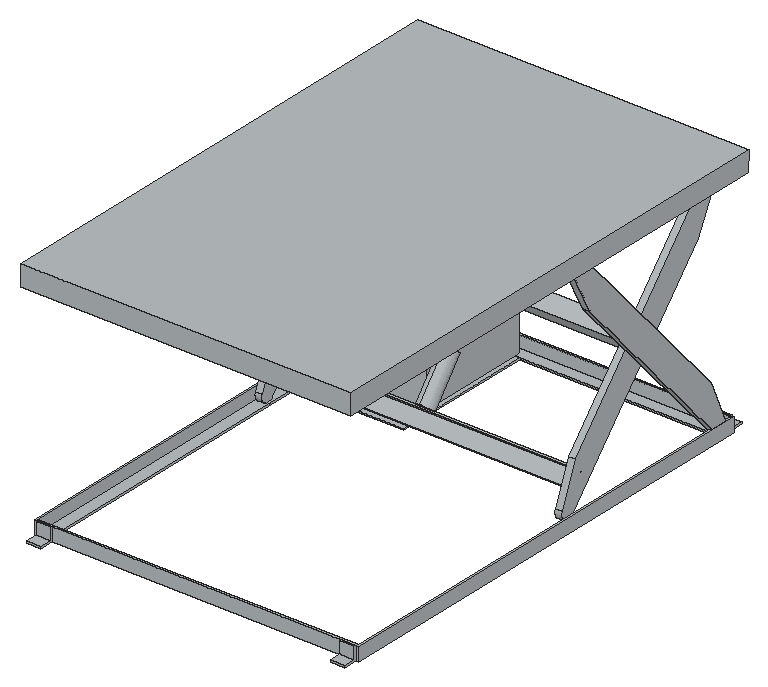
Revit family "DockEquipment_LiftTable_Pentalift_IR", category Specialty Equipment, Revit 2026
Family settings
  Round Connector Dimension = Use Diameter
  Part Type = Normal
  Work Plane-Based = Yes
  Enable Cutting in Views = No
  Always vertical = No
  Cut with Voids When Loaded = No
  Maintain Annotation Orientation = No
  Shared = No
  Room Calculation Point = No
Parameters
  offset [instance] = 0' - 0"
  Warranty Duration (Years) = 0
  Unit Width [instance] = 4' - 0"
  Unit Length [instance] = 6' - 0"
  URL = "http://www.pentalift.com/index.php"
  Specification = ""
  SpecWizard = ""
  Send Message = "http://www.arcat.com/users.pl?action=UserEmail&company=Pentalift Equipment Corp.&coid=34752&rep=119&fax=519-763-2894&mf="
  Sales Information = "http://www.pentalift.com/about-us.htm"
  Revision = "R1_01-2012"
  Product Properties = ""
  Product Data = "http://www.arcat.com/arcatcos/cos34/arc34752.html"
  Platform Height [instance] = 3' - 0"
  Model = "As Specified"
  Material [instance] = Metal - Steel - Pentalift - Painted - Gray
  Manufacturer Website = "http://www.pentalift.com/index.php"
  Manufacturer Phone - Toll Free = ""
  Manufacturer Phone = "519-763-3625 "
  Manufacturer Fax = "519-763-2894"
  Manufacturer Address = "21 Nicholas Beaver Rd. Guelph, ON, Canada N1H 6H9 "
  Manufacturer = "Pentalift Equipment Corp."
  Maintenance Schedule (Months) = 0
  Keynote = "11160"
  Installation-Fabrication = ""
  Installation Phase = ""
  Green Building-LEED = ""
  Expected Lifespan (Years) = 0
  Drawn By = "Sumex Design, Inc. / Robert S. Weygant, CSI, CDT, SCIP"
  Description = "Pentalift Dock Equipment as Specified"
  Default Elevation = 4' - 0"
  Copyright = "©Arcat Inc."
  Construction Details = "http://www.arcat.com/details/pentalif/pentalif.html?coid=34752"
  Capacity (Weight) = 0.00 kip
  Assembly Code = "E1030300"
Reference planes (in)
  plane 1 "Center (Front/Back)": y = 0
  plane 2 "Bottom": z = 0
  plane 3 "Center (Left/Right)": x = 0
  plane 4 "Front": y = -36
  plane 5 "Back": y = 36
  plane 6 "Left": x = -24
  plane 7 "Right": x = 24
  plane 8 "Top": z = 36
  plane 9: x = -23.5
  plane 10: x = 23.5
  plane 11: y = 34
  plane 12: y = -34
  plane 13: z = 1.75
  plane 14: z = 33
  plane 15: x = -6
  plane 16: z = 3
Forms (in)
  Extrusion 1, solid, material "Metal - Steel - Pentalift - Painted - Gray" <- "Material"
    sketch origin (-23.5, 55.3623, 48) x (0, 1, 0) y (0, 0, 1)
      loop
        line (-89.3623, -46) -> (-89.6123, -46) -> (-89.6123, -47.75) -> (-91.3623, -47.75) -> (-91.3623, -48) -> (-89.3623, -48) -> (-89.3623, -46)
      loop
        line (-21.3623, -46) -> (-21.3623, -48) -> (-19.3623, -48) -> (-19.3623, -47.75) -> (-21.1123, -47.75) -> (-21.1123, -46) -> (-21.3623, -46)
    from 0.5 to 2.5
  Extrusion 2, solid, material "Metal - Steel - Pentalift - Painted - Gray" <- "Material"
    sketch origin (-43.59721, -180, 36) x (-1, 0, 0) y (0, -1, 0)
      loop
        line (-19.59721, -216) -> (-19.59721, -144) -> (-67.59721, -144) -> (-67.59721, -216) -> (-19.59721, -216)
    from 0 to -3
  Sweep 3, solid, material "Metal - Steel - Pentalift - Painted - Gray" <- "Material"
    path origin (0, 0, 0) x (1, 0, 0) y (0, 1, 0)
      loop
        line (-23.5, 34) -> (-23.5, -34) -> (23.5, -34) -> (23.5, 34) -> (-23.5, 34)
    profile origin (0, 34, 0) x (0, 1, 0) y (0, 0, 1)
      loop
        line (-0.25, 2) -> (-0.25, 0.25) -> (-2, 0.25) -> (-2, 0) -> (0, 0) -> (0, 2) -> (-0.25, 2)
  Extrusion 4, solid, material "Metal - Steel - Pentalift - Painted - Gray" <- "Material"
    sketch origin (23.5, -56.16774, 48) x (0, -1, 0) y (0, 0, 1)
      loop
        line (-22.16774, -46) -> (-22.16774, -48) -> (-20.16774, -48) -> (-20.16774, -47.75) -> (-21.91774, -47.75) -> (-21.91774, -46) -> (-22.16774, -46)
      loop
        line (-90.16774, -46) -> (-90.41774, -46) -> (-90.41774, -47.75) -> (-92.16774, -47.75) -> (-92.16774, -48) -> (-90.16774, -48) -> (-90.16774, -46)
    from 0.5 to 2.5
  Extrusion 5, solid, material "Metal - Steel - Pentalift - Painted - Gray" <- "Material"
    sketch origin (0, 0, 0) x (1, 0, 0) y (0, 1, 0)
      loop
        line (-21.5, 32) -> (-21.5, 11) -> (-6, 11) -> (-6, 32) -> (-21.5, 32)
    from 0 to 0.25
  Extrusion 6, solid, material "Metal - Steel - Pentalift - Painted - Gray" <- "Material"
    sketch origin (0, 0, 0) x (1, 0, 0) y (0, 1, 0)
      loop
        line (-19.84171, 32.65517) -> (-19.84171, 22.90517) -> (-13.34171, 22.90517) -> (-13.34171, 32.65517) -> (-19.84171, 32.65517)
    from 0 to 6
  Extrusion 7, solid, material "Metal - Steel - Pentalift - Painted - Gray" <- "Material"
    sketch origin (0, 0, 0) x (1, 0, 0) y (0, 1, 0)
      loop
        line (-12.69495, 32.80406) -> (-12.69495, 16.05406) -> (-6.69495, 16.05406) -> (-6.69495, 32.80406) -> (-12.69495, 32.80406)
    from 0 to 6
  Revolve 8, solid, material "Metal - Steel - Pentalift - Painted - Gray" <- "Material"
    sketch origin (0, 16.05406, 3) x (-1, 0, 0) y (0, -1, 0)
      loop
        line (16.59171, -6.85111) -> (16.59171, 2.39889) -> (14.09171, 2.39889) -> (14.09171, -3.35111) -> (14.34171, -3.35111) -> (14.34171, -6.85111) -> (16.59171, -6.85111)
      axis (16.59171, -6.85111) -> (16.59171, 2.39889)
    angle from 0 to 360
Dimensions and locks (in)
  equal spacing: plane 6 "Left", plane 3 "Center (Left/Right)", plane 7 "Right"
  "Unit Width": plane 6 "Left" to plane 7 "Right"
  equal spacing: plane 5 "Back", plane 1 "Center (Front/Back)", plane 4 "Front"
  "Unit Length": plane 5 "Back" to plane 4 "Front"
  "Platform Height": plane 8 "Top" to level
  locked: plane 10 to plane 7 "Right" at 0.5
  locked: plane 6 "Left" to plane 9 at 0.5
  locked: plane 12 to plane 4 "Front" at 2
  plane 5 "Back" to plane 11 = 0' - 2"
  locked: plane 13 to level at 1.75
  locked: plane 8 "Top" to plane 14 at 3
  locked: plane 6 "Left" to plane 15 at 18
  aligned and locked: Extrusion 2 to plane 14
  aligned and locked: plane 1 "Center (Front/Back)" to nested 1
  aligned and locked: plane 3 "Center (Left/Right)" to nested 1
Automatic sketch dimensions
  Extrusion 2 sketch curve to plane 5 "Back" = 0' - 0"
  Extrusion 2 sketch curve to plane 7 "Right" = 0' - 0"
  Extrusion 2 sketch curve to plane 4 "Front" = 0' - 0"
  Extrusion 2 sketch curve to plane 6 "Left" = 0' - 0"
  Extrusion 1 sketch curve to plane 4 "Front" = 0' - 0"
  Extrusion 1 sketch curve to level = 0' - 0"  (x2)
  Extrusion 1 sketch curve to plane 12 = 0' - 0"
  Extrusion 1 sketch curve to plane 12 = 0' - 0 1/4"
  level to Extrusion 1 sketch curve = 0' - 0 1/4"  (x2)
  plane 13 to Extrusion 1 sketch curve = 0' - 0 1/4"  (x2)
  Extrusion 1 sketch curve to plane 11 = 0' - 0"
  Extrusion 1 sketch curve to plane 5 "Back" = 0' - 0"
  plane 11 to Extrusion 1 sketch curve = 0' - 0 1/4"
  Sweep 3 sketch curve to plane 9 = 0' - 0"
  Sweep 3 sketch curve to plane 10 = 0' - 0"
  Sweep 3 sketch curve to plane 12 = 0' - 0"
  Sweep 3 sketch curve to plane 11 = 0' - 0"
  Sweep 3 sketch curve to level = 0' - 0"
  Sweep 3 sketch curve to profile plane = 0' - 0"
  Sweep 3 sketch curve to Sweep 3 sketch curve = 0' - 0 1/4"
  Sweep 3 sketch curve to Sweep 3 sketch curve = 0' - 1 3/4"  (x2)
  level to Sweep 3 sketch curve = 0' - 0 1/4"
  Extrusion 4 sketch curve to level = 0' - 0"  (x2)
  Extrusion 4 sketch curve to plane 5 "Back" = 0' - 0"
  Extrusion 4 sketch curve to plane 11 = 0' - 0"
  Extrusion 4 sketch curve to plane 12 = 0' - 0"
  Extrusion 4 sketch curve to plane 4 "Front" = 0' - 0"
  plane 11 to Extrusion 4 sketch curve = 0' - 0 1/4"
  Extrusion 4 sketch curve to plane 12 = 0' - 0 1/4"
  level to Extrusion 4 sketch curve = 0' - 0 1/4"  (x2)
  plane 13 to Extrusion 4 sketch curve = 0' - 0 1/4"  (x2)
  Extrusion 5 sketch curve to plane 15 = 0' - 0"
  plane 9 to Extrusion 5 sketch curve = 0' - 2"
  Extrusion 5 sketch curve to plane 11 = 1' - 11"
  Extrusion 5 sketch curve to plane 11 = 0' - 2"
  plane 9 to Extrusion 6 sketch curve = 0' - 3.65829"
  Extrusion 6 sketch curve to Extrusion 6 sketch curve = 0' - 6 1/2"
  Extrusion 6 sketch curve to plane 11 = 0' - 11.09483"
  Extrusion 6 sketch curve to plane 11 = 0' - 1.34483"
  Extrusion 7 sketch curve to plane 15 = 0' - 6.69495"
  Extrusion 7 sketch curve to plane 15 = 0' - 0.69495"
  Extrusion 7 sketch curve to plane 1 "Center (Front/Back)" = 1' - 4.05406"
  Extrusion 7 sketch curve to plane 11 = 0' - 1.19594"
  Revolve 8 sketch curve to plane 15 = 0' - 8.09171"
  Revolve 8 sketch curve to Revolve 8 sketch curve = 0' - 0 1/4"
  Revolve 8 sketch curve to Revolve 8 sketch curve = 0' - 2 1/2"
  Revolve 8 sketch curve to Revolve 8 sketch curve = 0' - 0"
  Revolve 8 sketch curve to plane 11 = 0' - 9.84483"
  Revolve 8 sketch curve to Revolve 8 sketch curve = 0' - 1 1/4"
  Revolve 8 sketch curve to Revolve 8 sketch curve = 0' - 3 1/2"
  Revolve 8 sketch curve to Revolve 8 sketch curve = 0' - 5 3/4"
  Revolve 8 sketch curve to Revolve 8 sketch curve = 0' - 3"
Nested families (in)
  nested 1: "Scisor_IR" at (0, 0, 0), Material <- "Material", Unit Width <- "Unit Width", Unit Length <- "Unit Length", Platform Height <- "Platform Height", type "Scisor_IR"
    with offset 0' - 0", Unit Width 4' - 0", Unit Length 6' - 0", Support Angle 51.2388°, Platform Height 3' - 0", Material Metal - Steel - Pentalift - Painted - Gray
Definition of nested family "Scisor_IR"
  Parameters
    offset [instance] = 0' - 0"
    Warranty Duration (Years) = 0
    Unit Width [instance] = 2' - 0"
    Unit Length [instance] = 4' - 0"
    Unit Height = 3' - 6"
    URL = "http://www.pentalift.com/index.php"
    Support Angle [instance] = asin((Platform Height - 0' 3 1/4") / 3' 6")  # 51.2388°
    Specification = ""
    SpecWizard = ""
    Send Message = "http://www.arcat.com/users.pl?action=UserEmail&company=Pentalift Equipment Corp.&coid=34752&rep=119&fax=519-763-2894&mf="
    Sales Information = "http://www.pentalift.com/about-us.htm"
    Revision = "R1_01-2012"
    Product Properties = ""
    Product Data = "http://www.arcat.com/arcatcos/cos34/arc34752.html"
    Platform Height [instance] = 3' - 0"
    Model = "As Specified"
    Material [instance] = none
    Manufacturer Website = "http://www.pentalift.com/index.php"
    Manufacturer Phone - Toll Free = ""
    Manufacturer Phone = "519-763-3625 "
    Manufacturer Fax = "519-763-2894"
    Manufacturer Address = "21 Nicholas Beaver Rd. Guelph, ON, Canada N1H 6H9 "
    Manufacturer = "Pentalift Equipment Corp."
    Maintenance Schedule (Months) = 0
    Keynote = "11160"
    Installation-Fabrication = ""
    Installation Phase = ""
    Green Building-LEED = ""
    Expected Lifespan (Years) = 0
    Drawn By = "Sumex Design, Inc. / Robert S. Weygant, CSI, CDT, SCIP"
    Description = "Pentalift Dock Equipment as Specified"
    Default Elevation = 4' - 0"
    Copyright = "©Arcat Inc."
    Construction Details = "http://www.arcat.com/details/pentalif/pentalif.html?coid=34752"
    Capacity (Weight) = 0.00 kip
    Assembly Code = "E1030300"
  Reference planes (in)
    plane 1 "Center (Front/Back)": y = 0
    plane 2 "Bottom": z = 0
    plane 3 "Center (Left/Right)": x = 0
    plane 4 "Front": y = -24
    plane 5 "Back": y = 24
    plane 6 "Left": x = -12
    plane 7 "Right": x = 12
    plane 8 "Top": z = 36
    plane 9: x = -11.25
    plane 10: x = 11.25
    plane 11: y = 21.5
    plane 12: y = -20.25
    plane 13: z = 1.75
    plane 14: y = 19.75
    plane 15: z = 34.5
  Forms (in)
    Extrusion 1, solid, material <- "Material"
      sketch origin (0, 19.75, 1.75) x (0, -0.626076, 0.779762) y (0, -0.779762, -0.626076)
        loop
          arc (41.63741, -1.07401) -> (42.6605, -0.08544) -> (41.80695, 1.05274) r 1.07511
          line (41.80695, 1.05274) -> (34.34148, 2.59982) -> (-0.04722, 1.04313)
          arc (-0.04722, 1.04313) -> (-1.03752, 0.11787) -> (-0.28001, -1.00595) r 1.0442
          line (-0.28001, -1.00595) -> (5.79364, -2.69657) -> (41.63741, -1.07401)
      from -11.25 to -10.25
    Extrusion 2, solid, material <- "Material"
      sketch origin (0, 19.75, 34.5) x (0, -0.626076, -0.779762) y (0, 0.779762, -0.626076)
        loop
          line (42.04722, 1.04313) -> (7.65852, 2.59982) -> (0.19305, 1.05274)
          arc (0.19305, 1.05274) -> (-0.6605, -0.08544) -> (0.36259, -1.07401) r 1.07511
          line (0.36259, -1.07401) -> (36.20636, -2.69657) -> (42.28001, -1.00595)
          arc (42.28001, -1.00595) -> (43.03752, 0.11787) -> (42.04722, 1.04313) r 1.0442
      from -10.25 to -9.25
    Extrusion 3, solid, material <- "Material"
      sketch origin (0, 19.75, 34.5) x (0, -0.626076, -0.779762) y (0, 0.779762, -0.626076)
        loop
          line (36.20636, -2.69657) -> (42.28001, -1.00595)
          arc (42.28001, -1.00595) -> (43.03752, 0.11787) -> (42.04722, 1.04313) r 1.0442
          line (42.04722, 1.04313) -> (7.65852, 2.59982) -> (0.19305, 1.05274)
          arc (0.19305, 1.05274) -> (-0.6605, -0.08544) -> (0.36259, -1.07401) r 1.07511
          line (0.36259, -1.07401) -> (36.20636, -2.69657)
      from 9.25 to 10.25
    Extrusion 4, solid, material <- "Material"
      sketch origin (0, 19.75, 1.75) x (0, -0.626076, 0.779762) y (0, -0.779762, -0.626076)
        loop
          line (34.34148, 2.59982) -> (-0.04722, 1.04313)
          arc (-0.04722, 1.04313) -> (-1.03752, 0.11787) -> (-0.28001, -1.00595) r 1.0442
          line (-0.28001, -1.00595) -> (5.79364, -2.69657) -> (41.63741, -1.07401)
          arc (41.63741, -1.07401) -> (42.6605, -0.08544) -> (41.80695, 1.05274) r 1.07511
          line (41.80695, 1.05274) -> (34.34148, 2.59982)
      from 10.25 to 11.25
    Extrusion 5, solid, material <- "Material"
      sketch origin (0, 24.25602, 39.20405) x (0, -0.626076, -0.779762) y (0, 0.779762, -0.626076)
        loop
          line (43.48463, 0.43147) -> (43.48463, -2.35058) -> (43.73463, -2.35058) -> (43.73463, 0.18147) -> (45.92464, 0.18147) -> (45.94844, 0.43147) -> (43.48463, 0.43147)
      from -9.25 to 9.25
    Extrusion 6, solid, material <- "Material"
      sketch origin (0, 22.24856, 1.66507) x (0, -0.626076, 0.779762) y (0, -0.779762, -0.626076)
        loop
          line (21.38051, 0.64511) -> (23.88051, 0.64511) -> (23.88051, 3.14511) -> (21.38051, 3.14511) -> (21.38051, 0.64511)
      from -9.25 to 9.25
    Revolve 7, solid, material <- "Material"
      sketch origin (0, 20.536, 33.86891) x (0, -0.626076, -0.779762) y (0, 0.779762, -0.626076)
        loop
          line (21.49499, -2.508) -> (36.99548, -2.508) -> (36.99548, -1.30043) -> (29.74499, -1.30043) -> (29.74499, -1.80043) -> (21.49499, -1.80043) -> (21.49499, -2.508)
        axis (21.49499, -2.508) -> (36.99548, -2.508)
      angle from 0 to 360
  Lines and regions (in)
    reference lines
      curve 1: line (0, 19.75, 34.5) -> (0, -37.84901, -37.2381)
      curve 2: line (0, 19.75, 1.75) -> (0, -44.10977, 81.28571)
  Dimensions and locks (in)
    equal spacing: plane 6 "Left", plane 3 "Center (Left/Right)", plane 7 "Right"
    "Unit Width": plane 6 "Left" to plane 7 "Right"
    equal spacing: plane 5 "Back", plane 1 "Center (Front/Back)", plane 4 "Front"
    "Unit Length": plane 5 "Back" to plane 4 "Front"
    "Platform Height": plane 8 "Top" to level
    locked: plane 10 to plane 7 "Right" at 0.75
    locked: plane 6 "Left" to plane 9 at 0.75
    locked: plane 12 to plane 4 "Front" at 3.75
    locked: plane 5 "Back" to plane 11 at 2.5
    locked: plane 13 to level at 1.75
    locked: plane 11 to plane 14 at 1.75
    locked: plane 8 "Top" to plane 15 at 1.5
    Extrusion 2 to Extrusion 2 to Extrusion 1 to Extrusion 1 to plane 9 = 0' - 1" locked, 0' - 0" locked, 0' - 1" locked, 0' - 0" locked
    Extrusion 3 to Extrusion 3 to Extrusion 4 to Extrusion 4 to plane 10 = 0' - 1" locked, 0' - 0" locked, 0' - 1" locked, 0' - 0" locked
    locked: plane 10 to Extrusion 5 at 2
    locked: plane 9 to Extrusion 5 at 2
    locked: plane 9 to Extrusion 6 at 2
    locked: plane 10 to Extrusion 6 at 2
    "Support Angle": angle curve 1 to plane 15
    "Support Angle": angle plane 13 to curve 2
  Automatic sketch dimensions
    curve 2 to plane 13 = 0' - 0"
    curve 2 to plane 14 = 0' - 0"
    curve 1 to plane 14 = 0' - 0"
    curve 1 to plane 15 = 0' - 0"
    Extrusion 1 sketch curve to curve 2 = 0' - 0"  (x3)
    Extrusion 1 sketch curve to curve 2 = 0' - 0.28001"
    curve 2 to Extrusion 1 sketch curve = 0' - 5.79364"
    Extrusion 1 sketch curve to curve 2 = 0' - 0.04722"
    Extrusion 1 sketch curve to curve 2 = 0' - 2.59982"
    Extrusion 1 sketch curve to Extrusion 1 sketch curve = 0' - 7.24731"
    Extrusion 1 sketch curve to Extrusion 1 sketch curve = 0' - 0.04862"
    Extrusion 1 sketch curve to Extrusion 1 sketch curve = 0' - 0.21816"
    Extrusion 1 sketch curve to curve 2 = 0' - 1.05274"
    Extrusion 1 sketch curve to Extrusion 1 sketch curve = 0' - 0"  (x2)
    Extrusion 1 sketch curve to curve 2 = 0' - 2.69657"
    Extrusion 1 sketch curve to curve 2 = 0' - 1.00595"
    Extrusion 1 sketch curve to Extrusion 1 sketch curve = 2' - 4.54784"
    Extrusion 4 sketch curve to curve 2 = 0' - 0"  (x3)
    Extrusion 4 sketch curve to curve 2 = 0' - 0.04722"
    Extrusion 4 sketch curve to curve 2 = 0' - 0.28001"
    curve 2 to Extrusion 4 sketch curve = 0' - 2.69657"
    curve 2 to Extrusion 4 sketch curve = 0' - 5.79364"
    Extrusion 4 sketch curve to curve 2 = 0' - 2.59982"
    Extrusion 4 sketch curve to Extrusion 4 sketch curve = 2' - 4.54784"
    Extrusion 4 sketch curve to Extrusion 4 sketch curve = 0' - 7.24731"
    Extrusion 4 sketch curve to Extrusion 4 sketch curve = 0' - 0.04862"
    Extrusion 4 sketch curve to curve 2 = 0' - 1.05274"
    Extrusion 4 sketch curve to Extrusion 4 sketch curve = 0' - 0.21816"
    Extrusion 4 sketch curve to curve 2 = 0' - 1.00595"
    Extrusion 2 sketch curve to curve 1 = 0' - 0"  (x2)
    curve 1 to Extrusion 2 sketch curve = 0' - 0.19305"
    curve 1 to Extrusion 2 sketch curve = 0' - 0.36259"
    curve 1 to Extrusion 2 sketch curve = 0' - 0.41121"
    Extrusion 2 sketch curve to curve 1 = 0' - 2.59982"
    Extrusion 2 sketch curve to Extrusion 2 sketch curve = 0' - 7.46547"
    curve 1 to Extrusion 2 sketch curve = 0' - 2.69657"
    Extrusion 2 sketch curve to Extrusion 2 sketch curve = 2' - 4.54784"
    Extrusion 2 sketch curve to Extrusion 2 sketch curve = 0' - 5.79364"
    Extrusion 2 sketch curve to curve 1 = 0' - 1.04313"
    Extrusion 2 sketch curve to Extrusion 2 sketch curve = 0' - 0.04722"
    curve 1 to Extrusion 2 sketch curve = 0' - 1.00595"
    Extrusion 2 sketch curve to curve 1 = 0' - 1.07401"
    Extrusion 3 sketch curve to curve 1 = 0' - 0"  (x2)
    curve 1 to Extrusion 3 sketch curve = 0' - 0.19305"
    curve 1 to Extrusion 3 sketch curve = 0' - 0.36259"
    curve 1 to Extrusion 3 sketch curve = 0' - 0.41121"
    Extrusion 3 sketch curve to curve 1 = 0' - 2.59982"
    Extrusion 3 sketch curve to Extrusion 3 sketch curve = 0' - 7.46547"
    Extrusion 3 sketch curve to Extrusion 3 sketch curve = 2' - 4.54784"
    curve 1 to Extrusion 3 sketch curve = 0' - 2.69657"
    Extrusion 3 sketch curve to Extrusion 3 sketch curve = 0' - 5.79364"
    Extrusion 3 sketch curve to Extrusion 3 sketch curve = 0' - 0.04722"
    curve 1 to Extrusion 3 sketch curve = 0' - 1.00595"
    Extrusion 3 sketch curve to Extrusion 3 sketch curve = 0' - 0.28001"
    Extrusion 3 sketch curve to curve 1 = 0' - 1.07401"
    curve 2 to Extrusion 6 sketch curve = 0' - 1 1/4"
    curve 2 to Extrusion 6 sketch curve = 1' - 7 3/4"
    Extrusion 6 sketch curve to Extrusion 6 sketch curve = 0' - 2 1/2"
    Extrusion 6 sketch curve to curve 2 = 0' - 1 1/4"
    Extrusion 5 sketch curve to curve 1 = 0' - 1"
    curve 1 to Extrusion 5 sketch curve = 3' - 0.99548"
    Extrusion 5 sketch curve to Extrusion 5 sketch curve = 0' - 0 1/4"
    Extrusion 5 sketch curve to curve 1 = 0' - 0 3/4"
    Extrusion 5 sketch curve to Extrusion 5 sketch curve = 0' - 2.19001"
    Extrusion 5 sketch curve to Extrusion 5 sketch curve = 0' - 0.0238"
    curve 1 to Extrusion 5 sketch curve = 0' - 1.78204"
    curve 1 to Revolve 7 sketch curve = 0' - 0.79243"
    curve 1 to Revolve 7 sketch curve = 1' - 9.49499"
    Revolve 7 sketch curve to Revolve 7 sketch curve = 0' - 0 3/4"
    curve 1 to Revolve 7 sketch curve = 0' - 0.29243"
    Revolve 7 sketch curve to Revolve 7 sketch curve = 0' - 7 1/2"
    curve 1 to Revolve 7 sketch curve = 0' - 1 1/2"
    Revolve 7 sketch curve to Revolve 7 sketch curve = 0' - 6 3/4"
    Revolve 7 sketch curve to Revolve 7 sketch curve = 0' - 0.50049"
    Revolve 7 sketch curve to Revolve 7 sketch curve = 0' - 0"
